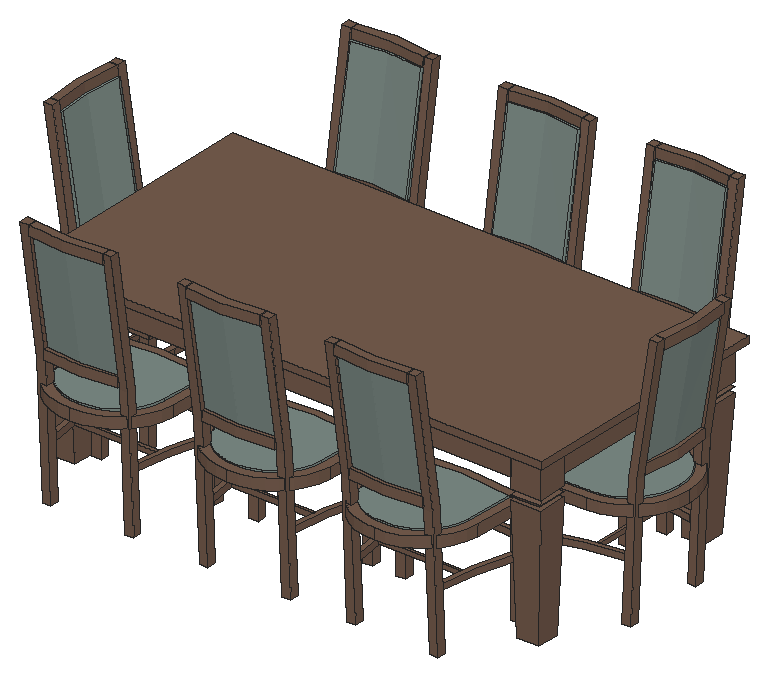
Revit family
Reference planes
  plane 1 "Center (Front/Back)": y = 0
  plane 2: z = 0
Forms (mm)
  Extrusion 1, solid, material "CD Dining Table"
    sketch origin (0, 0, 0) x (1, 0, 0) y (0, 1, 0)
      loop
        line (-1050, 525) -> (-1050, -525) -> (1050, -525) -> (1050, 525) -> (-1050, 525)
    from 690 to 720
  Extrusion 2, solid, material "CD Dining Table"
    sketch origin (0, 0, 0) x (1, 0, 0) y (0, 1, 0)
      loop
        line (-1020, 495) -> (-1020, 375) -> (-900, 375) -> (-900, 495) -> (-1020, 495)
    from 555 to 690
  Extrusion 3, solid, material "CD Dining Table"
    sketch origin (1920, 0, 0) x (1, 0, 0) y (0, 1, 0)
      loop
        line (-1020, 495) -> (-1020, 375) -> (-900, 375) -> (-900, 495) -> (-1020, 495)
    from 555 to 690
  Extrusion 4, solid, material "CD Dining Table"
    sketch origin (1920, -870, 0) x (1, 0, 0) y (0, 1, 0)
      loop
        line (-1020, 495) -> (-1020, 375) -> (-900, 375) -> (-900, 495) -> (-1020, 495)
    from 555 to 690
  Extrusion 5, solid, material "CD Dining Table"
    sketch origin (0, -870, 0) x (1, 0, 0) y (0, 1, 0)
      loop
        line (-1020, 495) -> (-1020, 375) -> (-900, 375) -> (-900, 495) -> (-1020, 495)
    from 555 to 690
  Extrusion 6, solid, material "CD Dining Table"
    sketch origin (0, 0, 0) x (1, 0, 0) y (0, 1, 0)
      loop
        line (900, 495) -> (-900, 495) -> (-900, 465) -> (900, 465) -> (900, 495)
    from 600 to 690
  Extrusion 7, solid, material "CD Dining Table"
    sketch origin (0, -960, 0) x (1, 0, 0) y (0, 1, 0)
      loop
        line (900, 495) -> (-900, 495) -> (-900, 465) -> (900, 465) -> (900, 495)
    from 600 to 690
  Extrusion 8, solid, material "CD Dining Table"
    sketch origin (0, 0, 0) x (1, 0, 0) y (0, 1, 0)
      loop
        line (-1020, 375) -> (-1020, -375) -> (-990, -375) -> (-990, 375) -> (-1020, 375)
    from 600 to 690
  Extrusion 9, solid, material "CD Dining Table"
    sketch origin (0, 0, 0) x (1, 0, 0) y (0, 1, 0)
      loop
        line (990, 375) -> (990, -375) -> (1020, -375) -> (1020, 375) -> (990, 375)
    from 600 to 690
  Blend 10, solid, material "CD Dining Table"
    base sketch origin (0, 0, 0) x (1, 0, 0) y (0, 1, 0)
      loop
        line (-1020, 495) -> (-1020, 375) -> (-900, 375) -> (-900, 495) -> (-1020, 495)
    top sketch origin (0, 0, 0) x (1, 0, 0) y (0, 1, 0)
      loop
        line (-1000, 475) -> (-1000, 395) -> (-920, 395) -> (-920, 475) -> (-1000, 475)
    from 535 to 555
  Blend 11, solid, material "CD Dining Table"
    base sketch origin (0, 0, 0) x (1, 0, 0) y (0, 1, 0)
      loop
        line (-1000, 475) -> (-1000, 395) -> (-920, 395) -> (-920, 475) -> (-1000, 475)
    top sketch origin (0, 0, 0) x (1, 0, 0) y (0, 1, 0)
      loop
        line (-1020, 495) -> (-1020, 375) -> (-900, 375) -> (-900, 495) -> (-1020, 495)
    from 515 to 535
  Blend 12, solid, material "CD Dining Table"
    base sketch origin (1920, 0, 0) x (1, 0, 0) y (0, 1, 0)
      loop
        line (-1020, 495) -> (-1020, 375) -> (-900, 375) -> (-900, 495) -> (-1020, 495)
    top sketch origin (1920, 0, 0) x (1, 0, 0) y (0, 1, 0)
      loop
        line (-1000, 475) -> (-1000, 395) -> (-920, 395) -> (-920, 475) -> (-1000, 475)
    from 535 to 555
  Blend 13, solid, material "CD Dining Table"
    base sketch origin (1920, 0, 0) x (1, 0, 0) y (0, 1, 0)
      loop
        line (-1000, 475) -> (-1000, 395) -> (-920, 395) -> (-920, 475) -> (-1000, 475)
    top sketch origin (1920, 0, 0) x (1, 0, 0) y (0, 1, 0)
      loop
        line (-1020, 495) -> (-1020, 375) -> (-900, 375) -> (-900, 495) -> (-1020, 495)
    from 515 to 535
  Blend 14, solid, material "CD Dining Table"
    base sketch origin (1920, -870, 0) x (1, 0, 0) y (0, 1, 0)
      loop
        line (-1020, 495) -> (-1020, 375) -> (-900, 375) -> (-900, 495) -> (-1020, 495)
    top sketch origin (1920, -870, 0) x (1, 0, 0) y (0, 1, 0)
      loop
        line (-1000, 475) -> (-1000, 395) -> (-920, 395) -> (-920, 475) -> (-1000, 475)
    from 535 to 555
  Blend 15, solid, material "CD Dining Table"
    base sketch origin (1920, -870, 0) x (1, 0, 0) y (0, 1, 0)
      loop
        line (-1000, 475) -> (-1000, 395) -> (-920, 395) -> (-920, 475) -> (-1000, 475)
    top sketch origin (1920, -870, 0) x (1, 0, 0) y (0, 1, 0)
      loop
        line (-1020, 495) -> (-1020, 375) -> (-900, 375) -> (-900, 495) -> (-1020, 495)
    from 515 to 535
  Blend 16, solid, material "CD Dining Table"
    base sketch origin (0, -870, 0) x (1, 0, 0) y (0, 1, 0)
      loop
        line (-1020, 495) -> (-1020, 375) -> (-900, 375) -> (-900, 495) -> (-1020, 495)
    top sketch origin (0, -870, 0) x (1, 0, 0) y (0, 1, 0)
      loop
        line (-1000, 475) -> (-1000, 395) -> (-920, 395) -> (-920, 475) -> (-1000, 475)
    from 535 to 555
  Blend 17, solid, material "CD Dining Table"
    base sketch origin (0, -870, 0) x (1, 0, 0) y (0, 1, 0)
      loop
        line (-1000, 475) -> (-1000, 395) -> (-920, 395) -> (-920, 475) -> (-1000, 475)
    top sketch origin (0, -870, 0) x (1, 0, 0) y (0, 1, 0)
      loop
        line (-1020, 495) -> (-1020, 375) -> (-900, 375) -> (-900, 495) -> (-1020, 495)
    from 515 to 535
  Blend 18, solid, material "CD Dining Table"
    base sketch origin (0, 0, 0) x (1, 0, 0) y (0, 1, 0)
      loop
        line (-900, 375) -> (-900, 465) -> (-990, 465) -> (-990, 375) -> (-900, 375)
    top sketch origin (0, 0, 0) x (1, 0, 0) y (0, 1, 0)
      loop
        line (-1020, 495) -> (-1020, 375) -> (-900, 375) -> (-900, 495) -> (-1020, 495)
    from 0 to 515
  Blend 19, solid, material "CD Dining Table"
    base sketch origin (0, 0, 0) x (1, 0, 0) y (0, 1, 0)
      loop
        line (900, 375) -> (990, 375) -> (990, 465) -> (900, 465) -> (900, 375)
    top sketch origin (0, 0, 0) x (1, 0, 0) y (0, 1, 0)
      loop
        line (900, 375) -> (1020, 375) -> (1020, 495) -> (900, 495) -> (900, 375)
    from 0 to 515
  Blend 20, solid, material "CD Dining Table"
    base sketch origin (0, 0, 0) x (1, 0, 0) y (0, 1, 0)
      loop
        line (900, -375) -> (900, -465) -> (990, -465) -> (990, -375) -> (900, -375)
    top sketch origin (0, 0, 0) x (1, 0, 0) y (0, 1, 0)
      loop
        line (900, -375) -> (900, -495) -> (1020, -495) -> (1020, -375) -> (900, -375)
    from 0 to 515
  Blend 21, solid, material "CD Dining Table"
    base sketch origin (0, 0, 0) x (1, 0, 0) y (0, 1, 0)
      loop
        line (-900, -375) -> (-990, -375) -> (-990, -465) -> (-900, -465) -> (-900, -375)
    top sketch origin (0, 0, 0) x (1, 0, 0) y (0, 1, 0)
      loop
        line (-900, -375) -> (-1020, -375) -> (-1020, -495) -> (-900, -495) -> (-900, -375)
    from 0 to 515
Nested families
  nested 1: "CD Dining Chair" at (-640, -575, 0) x (-1, 0, 0) z (0, 0, 1), type "CD Dining Chair"
  nested 2: "CD Dining Chair" at (990, 0, 0) x (0, -1, 0) z (0, 0, 1), type "CD Dining Chair"
  nested 3: "CD Dining Chair" at (0, -575, 0) x (-1, 0, 0) z (0, 0, 1), type "CD Dining Chair"
  nested 4: "CD Dining Chair" at (600, -575, 0) x (-1, 0, 0) z (0, 0, 1), type "CD Dining Chair"
  nested 5: "CD Dining Chair" at (-990, 0, 0) x (0, -1, 0) z (0, 0, 1), type "CD Dining Chair"
  nested 6: "CD Dining Chair" at (-640, 575, 0) x (-1, 0, 0) z (0, 0, 1), type "CD Dining Chair"
  nested 7: "CD Dining Chair" at (0, 575, 0) x (-1, 0, 0) z (0, 0, 1), type "CD Dining Chair"
  nested 8: "CD Dining Chair" at (600, 575, 0) x (-1, 0, 0) z (0, 0, 1), type "CD Dining Chair"
Definition of nested family "CD Dining Chair"
  Reference planes
    plane 1 "Center (Front/Back)": y = 0
    plane 2: z = 0
    plane 3 "Center (Left/Right)": x = 0
    plane 4: y = 118.717
  Forms (mm)
    Extrusion 1, solid, material "CD Dining Furniture"
      sketch origin (0, 0, 0) x (1, 0, 0) y (0, 1, 0)
        loop
          line (-243.606, 17.866) -> (-253.12, -219.99)
          arc (-253.12, -219.99) -> (-188.297, -222.114) -> (-123.92, -230) r 727.788
          arc (-123.92, -230) -> (0, -240.338) -> (123.92, -230) r 747.861
          arc (123.92, -230) -> (188.297, -222.114) -> (253.12, -219.99) r 727.788
          line (253.12, -219.99) -> (243.606, 17.866)
          arc (243.606, 17.866) -> (167.119, 178.63) -> (0, 240) r 235.631
          arc (0, 240) -> (-167.119, 178.63) -> (-243.606, 17.866) r 235.631
        loop
          line (-203.652, 15.918) -> (-211.514, -180.649)
          arc (-211.514, -180.649) -> (-164.25, -184.146) -> (-117.292, -190.553) r 767.788
          arc (-117.292, -190.553) -> (0, -200.338) -> (117.292, -190.553) r 707.861
          arc (117.292, -190.553) -> (164.25, -184.146) -> (211.514, -180.649) r 767.788
          line (211.514, -180.649) -> (203.652, 15.918)
          arc (203.652, 15.918) -> (139.524, 149.657) -> (0, 199.97) r 195.631
          arc (0, 199.97) -> (-139.524, 149.657) -> (-203.652, 15.918) r 195.631
      from 405 to 450
    Extrusion 2, solid, material "CD Furniture Material"
      sketch origin (0, 0, 0) x (1, 0, 0) y (0, 1, 0)
        loop
          line (-203.652, 15.918) -> (-211.514, -180.649)
          arc (-211.514, -180.649) -> (-164.25, -184.146) -> (-117.292, -190.553) r 767.788
          arc (-117.292, -190.553) -> (0, -200.338) -> (117.292, -190.553) r 707.861
          arc (117.292, -190.553) -> (164.25, -184.146) -> (211.514, -180.649) r 767.788
          line (211.514, -180.649) -> (203.652, 15.918)
          arc (203.652, 15.918) -> (139.524, 149.657) -> (0, 199.97) r 195.631
          arc (0, 199.97) -> (-139.524, 149.657) -> (-203.652, 15.918) r 195.631
      from 410 to 455
    Extrusion 3, solid, material "CD Dining Furniture"
      sketch origin (0, 0, 0) x (1, 0, 0) y (0, 1, 0)
        loop
          line (-251.72, -184.99) -> (-253.12, -219.99) -> (-213.656, -219.99) -> (-213.656, -184.99) -> (-251.72, -184.99)
      from 0 to 450
    Extrusion 4, solid, material "CD Dining Furniture"
      sketch origin (0, 0, 0) x (1, 0, 0) y (0, 1, 0)
        loop
          line (211.688, -184.99) -> (213.088, -219.99) -> (253.12, -219.99) -> (251.72, -184.99) -> (211.688, -184.99)
      from 0 to 450
    Extrusion 5, solid, material "CD Dining Furniture"
      sketch origin (0, -32.801, 0) x (0, 1, 0) y (0, 0, 1)
        loop
          line (293.922, 1075) -> (258.129, 1075)
          arc (258.129, 1075) -> (173.467, 540.481) -> (145.935, 0) r 5098.842
          line (145.935, 0) -> (180.935, 0)
          arc (180.935, 0) -> (208.663, 540.523) -> (293.922, 1075) r 5063.842
      from 150 to 185
    Extrusion 6, solid, material "CD Dining Furniture"
      sketch origin (0, -32.813, 0) x (0, 1, 0) y (0, 0, 1)
        loop
          line (293.922, 1075) -> (258.129, 1075)
          arc (258.129, 1075) -> (173.467, 540.481) -> (145.935, 0) r 5098.842
          line (145.935, 0) -> (180.935, 0)
          arc (180.935, 0) -> (208.663, 540.523) -> (293.922, 1075) r 5063.842
      from -150 to -185
    Extrusion 7, solid, material "CD Dining Furniture"
      sketch origin (0, 0, 0) x (1, 0, 0) y (0, 1, 0)
        loop
          arc (-150, 225.316) -> (0, 240) -> (150, 225.316) r 773.476
          line (150, 225.316) -> (150, 260.963)
          arc (150, 260.963) -> (0, 275) -> (-150, 260.963) r 808.476
          line (-150, 260.963) -> (-150, 225.316)
      from 1035 to 1075
    Extrusion 8, solid, material "CD Dining Furniture"
      sketch origin (0, -9.705, 0) x (1, 0, 0) y (0, 1, 0)
        loop
          line (-150, 193.419) -> (-150, 157.827)
          arc (-150, 157.827) -> (0, 171.864) -> (150, 157.827) r 808.476
          line (150, 157.827) -> (150, 193.419)
          arc (150, 193.419) -> (0, 206.864) -> (-150, 193.419) r 843.476
      from 550 to 590
    Blend 9, solid, material "CD Furniture Material"
      base sketch origin (0, 0, 0) x (1, 0, 0) y (0, 1, 0)
        loop
          arc (144.098, 139.049) -> (148.201, 140.126) -> (150, 143.967) r 5
          line (150, 143.967) -> (150, 168.467)
          arc (150, 168.467) -> (0, 182.159) -> (-150, 168.467) r 828.476
          line (-150, 168.467) -> (-150, 143.967)
          arc (-150, 143.967) -> (-148.201, 140.126) -> (-144.098, 139.049) r 5
          arc (-144.098, 139.049) -> (0, 152.159) -> (144.098, 139.049) r 798.476
      top sketch origin (0, 0, 0) x (1, 0, 0) y (0, 1, 0)
        loop
          arc (150, 245.693) -> (0, 260) -> (-150, 245.693) r 793.476
          line (-150, 245.693) -> (-150, 221.196)
          arc (-150, 221.196) -> (-148.185, 217.342) -> (-144.057, 216.286) r 5
          arc (-144.057, 216.286) -> (0, 230) -> (144.057, 216.286) r 763.476
          arc (144.057, 216.286) -> (148.185, 217.342) -> (150, 221.196) r 5
          line (150, 221.196) -> (150, 245.693)
      from 590 to 1035
    Extrusion 10, solid, material "CD Dining Furniture"
      sketch origin (0, 0, 0) x (1, 0, 0) y (0, 1, 0)
        loop
          line (-213.656, -195.572) -> (-213.656, -215.589)
          arc (-213.656, -215.589) -> (-168.227, -218.921) -> (-123.092, -225.069) r 732.788
          arc (-123.092, -225.069) -> (0, -235.338) -> (123.092, -225.069) r 742.861
          arc (123.092, -225.069) -> (167.857, -218.96) -> (212.913, -215.621) r 732.788
          line (212.913, -215.621) -> (212.114, -195.637)
          arc (212.114, -195.637) -> (165.796, -199.066) -> (119.778, -205.346) r 752.788
          arc (119.778, -205.346) -> (0, -215.338) -> (-119.778, -205.346) r 722.861
          arc (-119.778, -205.346) -> (-166.564, -198.986) -> (-213.656, -195.572) r 752.788
      from 295 to 320
    Extrusion 11, solid, material "CD Dining Furniture"
      sketch origin (0, 0, 0) x (1, 0, 0) y (0, 1, 0)
        loop
          line (-238.029, -184.99) -> (-216.832, -184.99)
          arc (-216.832, -184.99) -> (-175.214, -35.176) -> (-153.009, 118.717) r 1218.723
          line (-153.009, 118.717) -> (-173.074, 118.717)
          arc (-173.074, 118.717) -> (-195.674, -35.249) -> (-238.029, -184.99) r 1198.723
      from 225 to 250
    Extrusion 12, solid, material "CD Dining Furniture"
      sketch origin (0, 0, 0) x (-1, 0, 0) y (0, -1, 0)
        loop
          arc (-238.029, 184.99) -> (-195.674, 35.249) -> (-173.074, -118.717) r 1198.723
          line (-173.074, -118.717) -> (-153.009, -118.717)
          arc (-153.009, -118.717) -> (-175.214, 35.176) -> (-216.832, 184.99) r 1218.723
          line (-216.832, 184.99) -> (-238.029, 184.99)
      from 225 to 250
    Extrusion 13, solid, material "CD Dining Furniture"
      sketch origin (0, 0, 0) x (1, 0, 0) y (0, 1, 0)
        loop
          arc (-166.419, 11.103) -> (-167.377, 5.549) -> (-168.36, 0) r 1218.723
          line (-168.36, 0) -> (168.36, 0)
          arc (168.36, 0) -> (167.377, 5.549) -> (166.419, 11.103) r 1218.723
          line (166.419, 11.103) -> (-166.419, 11.103)
      from 230 to 250
    Extrusion 14, solid, material "CD Dining Furniture"
      sketch origin (0, 0, 0) x (1, 0, 0) y (0, 1, 0)
        loop
          arc (-15, -222.684) -> (-20, -222.564) -> (-25, -222.41) r 730.361
          line (-25, -222.41) -> (-25, -227.413)
          arc (-25, -227.413) -> (-20, -227.566) -> (-15, -227.685) r 735.361
          line (-15, -227.685) -> (-15, -222.684)
      from 320 to 405
    Extrusion 15, solid, material "CD Dining Furniture"
      sketch origin (0, 0, 0) x (1, 0, 0) y (0, 1, 0)
        loop
          arc (5, -222.821) -> (0, -222.838) -> (-5, -222.821) r 730.361
          line (-5, -222.821) -> (-5, -227.821)
          arc (-5, -227.821) -> (0, -227.838) -> (5, -227.821) r 735.361
          line (5, -227.821) -> (5, -222.821)
      from 320 to 405
    Extrusion 16, solid, material "CD Dining Furniture"
      sketch origin (0, 0, 0) x (1, 0, 0) y (0, 1, 0)
        loop
          arc (25, -222.41) -> (20, -222.564) -> (15, -222.684) r 730.361
          line (15, -222.684) -> (15, -227.685)
          arc (15, -227.685) -> (20, -227.566) -> (25, -227.413) r 735.361
          line (25, -227.413) -> (25, -222.41)
      from 320 to 405
